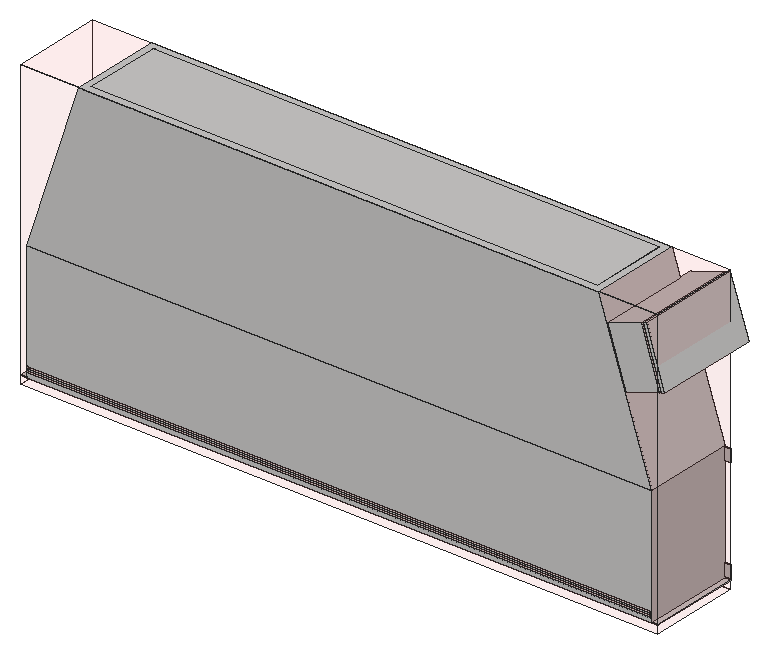
Revit family "Air-Curtain_Climate-Control_PoweredAire_TGD", category Mechanical Equipment, host Face, Revit 2016
Family settings
  Host = Face
  Part Type = Normal
  Round Connector Dimension = Use Diameter
  OmniClass Number = 23.75.35.17.21
  OmniClass Title = Air Curtains
  Cut with Voids When Loaded = No
  Shared = No
  Room Calculation Point = No
Parameters (values of type "144'' Nozzle")
  upperrotation [instance] = 0.00°
  lowerrotation [instance] = 0.00°
  locateupperpipe [instance] = 0' - 0"
  locatelowerpipe [instance] = 0' - 0"
  Warranty Duration (Years) = 0
  Unit Width Notes = "Other Widths available."  # constant formula
  Unit Width = 12' - 3 7/32"
  Unit Weight = 860
  Unit Height = 1' - 9"
  Unit Depth = 2' - 3 1/4"
  URL = "http://www.poweredaire.com/"
  Test Data = ""
  Standards Conformance = "Made in USA"
  Specification = "http://www.arcat.com/sdspecs/htm04/23_34_33pai.htm"
  SpecWizard = ""
  Sound Pressure = ">63 dBA"
  Sales Information = "http://www.poweredaire.com/contact_us"
  Revision = "R1_2016-08"
  Projection from Host [instance] = 0' - 2"
  Product Properties = ""
  Product Data = "http://www.arcat.com/arcatcos/cos47/arc47623.html"
  Power Rating = 0 W
  Piping_Water Flow [instance] = 0 GPM
  Piping_Operating Pressure [instance] = 0.00 psi
  Piping_Exit Temperature [instance] = 0 °F
  Piping_Entry Temperature [instance] = 0 °F
  Pipe OD [instance] = 5/8"
  Overall Depth = 5' - 4 1/4"
  Nozzle Width = if(1 = 1, Unit Width - 0' 3", 0' 0")  # 12' - 0 7/32"
  Mounting Width = if(1 = 1, Unit Width - 0' 1 1/2", 0' 0")  # 12' - 1 23/32"
  Mounting Height [instance] = 3' - 6"
  Motor RPM = 1630
  Motor HP = 0.75
  Motor Count = 4
  Model = "TDG-4-144"
  Max Height = 12' - 0"
  Manufacturer Website = "http://www.poweredaire.com/"
  Manufacturer Phone - Toll Free = "888-321-2473"
  Manufacturer Phone = "724-588-3305"
  Manufacturer Fax = "724-588-3371"
  Manufacturer Address = "109 Mortensen Rd.  Greenville, PA 16125"
  Manufacturer = "Powered Aire, Inc"
  Maintenance Schedule (Months) = 0
  Keynote = "23 34 33"
  Intake Width = 10' - 0"
  Installation-Fabrication = ""
  Installation Phase = ""
  Include Clearance [instance] = yes
  Heating Element Load = 0 W
  Filter Weight = 0
  Front Grating Material [instance] = Metal - Steel - PoweredAire - Stainless 304 Perforated
  HVAC_Temperature Rise = 105 °F
  HVAC_Primary CFM = 0 CFM
  HVAC_Outlet Volume = 10200 CFM
  HVAC_Outlet Velocity Uniformity = 0.95
  HVAC_Outlet Velocity = 3700 FPM
  HVAC_Exit Temperature [instance] = 0 °F
  HVAC_BTU Output = 1153000.0 Btu/h
  HVAC_BTU Input = 0.0 Btu/h
  Green Building-LEED = "http://www.arcat.com/green/clients/leed_data_47623.html"
  Gas Connection Diameter [instance] = 0"
  Frame Finish [instance] = Metal - Steel - PoweredAire - Stainless 304
  Expected Lifespan (Years) = 0
  Exhaust Connection Diameter = 0' - 5"
  Electrical_Wattage [instance] = Power Rating + Heating Element Load  # 0 W
  Electrical_Voltage [instance] = 0 V
  Electrical_Phase [instance] = 1
  Electrical_Frequency [instance] = 0 Hz
  Electrical_Amperage [instance] = 0 A
  Drawn By = "Sumex Design, Inc. / Robert S. Weygant, CSI, CDT, SCIP"
  Description = "Powered Aire Direct Gas Heated Climate Control Air Curtain - TDG-4-144 as Specified"
  Default Elevation = 0' - 0"  # constant formula
  Copyright = "©Arcat Inc."
  Construction Details = "http://www.arcat.com/details/powair/prod3336.html"
  Clearance_Top [instance] = 0' - 0"
  Clearance_Side B [instance] = 0' - 0"
  Clearance_Side A [instance] = 0' - 0"
  Clearance_Intake [instance] = 0' - 0"
  Clearance_Bottom [instance] = 0' - 0"
  Clearance Material [instance] = ARCAT Clearance
  Building Codes = ""
  Available Options [instance] = "as Specified"
  Assembly Code = "D3090400"
Types (7): name | Unit Width | Unit Weight | Nozzle Width | Mounting Width | Motor Count | Model | Intake Width | HVAC_Outlet Volume | HVAC_Outlet Velocity Uniformity | HVAC_Outlet Velocity | HVAC_BTU Output | Description
  144'' Nozzle | 12' - 3 7/32" | 860 | 12' - 0 7/32" | 12' - 1 23/32" | 4 | "TDG-4-144" | 10' - 0" | 10200 CFM | 0.95 | 3700 FPM | 1153000.0 Btu/h | "Powered Aire Direct Gas Heated Climate Control Air Curtain - TDG-4-144 as Specified"
  132'' Nozzle | 11' - 3 5/32" | 780 | 11' - 0 5/32" | 11' - 1 21/32" | 3 | "TDG-3-132" | 8' - 0" | 7600 CFM | 0.94 | 2800 FPM | 861000.0 Btu/h | "Powered Aire Direct Gas Heated Climate Control Air Curtain - TDG-3-132 as Specified"
  120'' Nozzle | 10' - 3 5/32" | 760 | 10' - 0 5/32" | 10' - 1 21/32" | 3 | "TDG-3-120" | 8' - 0" | 7600 CFM | 0.95 | 3200 FPM | 864000.0 Btu/h | "Powered Aire Direct Gas Heated Climate Control Air Curtain - TDG-3-120 as Specified"
  108'' Nozzle | 9' - 3 5/32" | 660 | 9' - 0 5/32" | 9' - 1 21/32" | 3 | "TDG-3-108" | 8' - 0" | 7600 CFM | 0.92 | 3700 FPM | 865000.0 Btu/h | "Powered Aire Direct Gas Heated Climate Control Air Curtain - TDG-3-108 as Specified"
  96'' Nozzle | 8' - 3 1/16" | 600 | 8' - 0 1/16" | 8' - 1 9/16" | 2 | "TDG-2-96" | 6' - 1" | 5100 CFM | 0.92 | 2800 FPM | 576000.0 Btu/h | "Powered Aire Direct Gas Heated Climate Control Air Curtain - TDG-2-96 as Specified"
  84'' Nozzle | 7' - 3 1/16" | 550 | 7' - 0 1/16" | 7' - 1 9/16" | 2 | "TDG-2-84" | 6' - 1" | 5100 CFM | 0.93 | 3200 FPM | 574000.0 Btu/h | "Powered Aire Direct Gas Heated Climate Control Air Curtain - TDG-2-84 as Specified"
  72'' Nozzle | 6' - 3 1/16" | 500 | 6' - 0 1/16" | 6' - 1 9/16" | 2 | "TDG-2-72" | 6' - 1" | 5100 CFM | 0.95 | 3700 FPM | 576000.0 Btu/h | "Powered Aire Direct Gas Heated Climate Control Air Curtain - TDG-2-72 as Specified"
Reference planes (in)
  plane 1 "Center (Elevation)": y = 0.13818
  plane 2: z = 0
  plane 3 "Center (Left/Right)": x = 0
  plane 4 "Top": y = 10.63818
  plane 5: y = -10.36182
  plane 6: x = -73.60937
  plane 7: x = 73.60938
  plane 8 "Front": z = 29.25
  plane 9 "FF": y = -41.86182
  plane 10: z = 2
  plane 11: x = 72.10938
  plane 12: x = -72.10937
  plane 13: y = 10.63818
  plane 14: y = -10.36182
  plane 15: x = -73.60937
  plane 16: x = 73.60938
  plane 17: z = 66.25
  plane 18: x = 72.04688
  plane 19: x = -72.04687
  plane 20: x = 72.10938
  plane 21: x = 72.10938
  plane 22: y = 8.13818
  plane 23: y = -7.86182
  plane 24: z = 66.25
  plane 25: x = -60
  plane 26: x = 60
Forms (in)
  Extrusion 1, solid, material "Metal - Steel - PoweredAire - Stainless 304" <- "Frame Finish"
    sketch origin (0, 0, 0) x (0, 1, 0) y (0, 0, 1)
      loop
        line (-10.36182, 2) -> (10.63818, 2) -> (10.63818, 29.25) -> (-10.36182, 29.25) -> (-10.36182, 2)
    from -72.10938 to 72.10938
  Extrusion 2, solid, material "ARCAT Clearance" <- "Clearance Material", visible <- "Include Clearance"
    sketch origin (0, 0, 0) x (0, 1, 0) y (0, 0, 1)
      loop
        line (-10.36182, 66.25) -> (-10.36182, 0) -> (10.63818, 0) -> (10.63818, 66.25) -> (-10.36182, 66.25)
    from -73.60937 to 73.60937
  Extrusion 3, solid, material "Metal - Steel - PoweredAire - Stainless 304" <- "Frame Finish"
    sketch origin (-15.17702, -180, 2) x (-1, 0, 0) y (0, -1, 0)
      loop
        line (-87.2864, -190.63818) -> (-87.2864, -169.63818) -> (-88.7864, -169.63818) -> (-88.7864, -190.63818) -> (-87.2864, -190.63818)
      loop
        line (56.93235, -190.63818) -> (58.43235, -190.63818) -> (58.43235, -169.63818) -> (56.93235, -169.63818) -> (56.93235, -190.63818)
    from 0 to 0.125
  Extrusion 4, solid, material "Metal - Steel - PoweredAire - Stainless 304" <- "Frame Finish"
    sketch origin (-11.83813, 10.63818, 48) x (-1, 0, 0) y (0, 0, 1)
      loop
        line (-83.9475, -45.5) -> (-83.9475, -42.75) -> (-85.4475, -42.75) -> (-85.4475, -45.5) -> (-83.9475, -45.5)
      loop
        line (-83.9475, -21.5) -> (-83.9475, -18.75) -> (-85.4475, -18.75) -> (-85.4475, -21.5) -> (-83.9475, -21.5)
      loop
        line (60.27125, -45.5) -> (61.77125, -45.5) -> (61.77125, -42.75) -> (60.27125, -42.75) -> (60.27125, -45.5)
      loop
        line (60.27125, -21.5) -> (61.77125, -21.5) -> (61.77125, -18.75) -> (60.27125, -18.75) -> (60.27125, -21.5)
    from 0 to -0.125
  Extrusion 5, void
    sketch origin (0, 0, 0) x (0, 1, 0) y (0, 0, 1)
      loop
        line (-10.36182, 3) -> (-9.36182, 3) -> (-9.36182, 4.5) -> (-10.36182, 4.5) -> (-10.36182, 3.82425) -> (-9.50864, 3.82425) -> (-9.50864, 3.57425) -> (-10.36182, 3.57425) -> (-10.36182, 3)
    from -72.04687 to 72.04688
  Extrusion 6, solid, material "Metal - Steel - PoweredAire - Stainless 304" <- "Frame Finish"
    sketch origin (0, 0.13818, 0) x (1, 0, 0) y (0, 0, 1)
      loop
        line (-72.10937, 29.25) -> (72.10938, 29.25) -> (60, 66.25) -> (-60, 66.25) -> (-72.10937, 29.25)
    from -10.5 to 10.5
  Extrusion 7, solid, material "Metal - Steel - PoweredAire - Stainless 304 Perforated" <- "Front Grating Material"
    sketch origin (-60, 0.13818, 66.25) x (1, 0, 0) y (0, 1, 0)
      loop
        line (1.5, 9) -> (1.5, -9) -> (118.5, -9) -> (118.5, 9) -> (1.5, 9)
    from 0 to 0.03125
  Extrusion 8, solid, material "Metal - Steel - PoweredAire - Stainless 304" <- "Frame Finish"
    sketch origin (60, 0.13818, 66.25) x (0.311046, 0, -0.950395) y (0, 1, 0)
      loop
        line (6, -10.5) -> (19.60097, -10.5) -> (19.60097, 13.5) -> (6, 13.5) -> (6, -10.5)
    from 0 to 9.625
  Sweep 9, void
    path in 3D
      loop
        line (71.01383, -10.36182, 63.54144) -> (75.24435, -10.36182, 50.61515) -> (75.24435, 13.63818, 50.61515) -> (71.01383, 13.63818, 63.54144) -> (71.01383, -10.36182, 63.54144)
    profile origin (71.01383, 1.63818, 63.54144) x (0.311046, 0, -0.950395) y (0.950395, 0, 0.311046)
      loop
        line (0, -0.75) -> (0, -1.25) -> (0.25, -1.25) -> (0.25, -0.75) -> (0, -0.75)
Cuts and joins
  Extrusion 5 cuts Extrusion 1
  Sweep 9 cuts Extrusion 8
Lines and regions (in)
  sketch lines
    curve 1: line (71.01383, 13.63818, 63.54144) -> (71.01383, -10.36182, 63.54144)
    curve 2: line (75.24435, 13.63818, 50.61515) -> (71.01383, 13.63818, 63.54144)
    curve 3: line (71.01383, -10.36182, 63.54144) -> (75.24435, -10.36182, 50.61515)
    curve 4: line (75.24435, -10.36182, 50.61515) -> (75.24435, 13.63818, 50.61515)
Dimensions and locks (in)
  equal spacing: plane 4 "Top", plane 1 "Center (Elevation)", plane 5
  "Unit Height": plane 4 "Top" to plane 5
  equal spacing: plane 6, plane 3 "Center (Left/Right)", plane 7
  "Unit Width": plane 6 to plane 7
  "Mounting Height": plane 1 "Center (Elevation)" to plane 9 "FF"
  "Projection from Host": plane 10 to level
  "Unit Depth": plane 8 "Front" to plane 10
  locked: plane 6 to plane 12 at 1.5
  locked: plane 11 to plane 7 at 1.5
  "Clearance_Side A": plane 7 to plane 16
  "Clearance_Side B": plane 15 to plane 6
  "Clearance_Top": plane 13 to plane 4 "Top"
  "Clearance_Bottom": plane 5 to plane 14
  "Clearance_Intake": plane 17 to plane 24
  Extrusion 5 sketch curve to Extrusion 5 sketch curve to Extrusion 5 sketch curve to Extrusion 5 sketch curve to plane 10 = 0' - 0.67575" locked, 0' - 0 1/4" locked, 0' - 0.57425" locked, 0' - 1" locked
  plane 5 to Extrusion 5 sketch curve to Extrusion 5 sketch curve = 0' - 0.85319" locked, 0' - 0.14681" locked
  locked: plane 19 to plane 12 at 0.0625
  locked: plane 11 to plane 18 at 0.0625
  "locateupperpipe": plane 20 to plane 11
  "locatelowerpipe": plane 21 to plane 11
  locked: plane 4 "Top" to plane 22 at 2.5
  locked: plane 23 to plane 5 at 2.5
  "Overall Depth": plane 24 to plane 10
  Extrusion 4 sketch curve to Extrusion 4 sketch curve to plane 10 = 0' - 2 3/4" locked, 0' - 0 1/2" locked  (x2)
  plane 8 "Front" to Extrusion 4 sketch curve to Extrusion 4 sketch curve = 0' - 0" locked, 0' - 2 3/4" locked  (x2)
  equal spacing: plane 25, plane 3 "Center (Left/Right)", plane 26
  "Intake Width": plane 25 to plane 26
  locked: plane 4 "Top" to Extrusion 7 sketch curve at 1.5
  locked: Extrusion 7 sketch curve to plane 5 at 1.5
  locked: plane 25 to Extrusion 7 sketch curve at 1.5
  locked: Extrusion 7 sketch curve to plane 26 at 1.5
  aligned and locked: plane 2 to host face
  aligned and locked: level to host face
  aligned and locked: Extrusion 2 sketch curve to plane 17
  aligned and locked: plane 14 to Extrusion 2 sketch curve
  aligned and locked: level to Extrusion 2 sketch curve
  aligned and locked: Extrusion 2 sketch curve to plane 13
  aligned and locked: plane 16 to Extrusion 2
  aligned and locked: Extrusion 2 to plane 15
  aligned and locked: plane 11 to Extrusion 1
  aligned and locked: Extrusion 1 to plane 12
  aligned and locked: Extrusion 1 sketch curve to plane 8 "Front"
  aligned and locked: plane 18 to cut or joined group of Extrusion 1, Extrusion 5
  aligned and locked: cut or joined group of Extrusion 1, Extrusion 5 to plane 19
  aligned and locked: Extrusion 6 sketch curve to plane 8 "Front"
  aligned and locked: plane 21 to Extrusion 6 sketch curve
  aligned and locked: plane 12 to Extrusion 6 sketch curve
  aligned and locked: Extrusion 6 sketch curve to plane 24
  aligned and locked: plane 25 to Extrusion 6 sketch curve
  aligned and locked: plane 26 to Extrusion 6 sketch curve
  aligned and locked: plane 4 "Top" to Extrusion 6
  aligned and locked: Extrusion 6 to plane 5
Automatic sketch dimensions
  host sketch curve to host sketch curve = 8' - 0"  (x2)
  plane 4 "Top" to Extrusion 3 sketch curve = 0' - 0"
  Extrusion 3 sketch curve to plane 7 = 0' - 0"
  plane 5 to Extrusion 3 sketch curve = 0' - 0"
  Extrusion 3 sketch curve to plane 11 = 0' - 0"
  Extrusion 3 sketch curve to plane 4 "Top" = 0' - 0"
  Extrusion 3 sketch curve to plane 12 = 0' - 0"
  Extrusion 3 sketch curve to plane 6 = 0' - 0"
  Extrusion 3 sketch curve to plane 5 = 0' - 0"
  Extrusion 4 sketch curve to plane 7 = 0' - 0"  (x2)
  Extrusion 4 sketch curve to plane 11 = 0' - 0"  (x2)
  Extrusion 4 sketch curve to plane 12 = 0' - 0"  (x2)
  Extrusion 4 sketch curve to plane 6 = 0' - 0"  (x2)
  Extrusion 5 sketch curve to plane 5 = 0' - 0"  (x2)
  Extrusion 1 sketch curve to plane 5 = 0' - 0"
  Extrusion 1 sketch curve to plane 4 "Top" = 0' - 0"
  Extrusion 1 sketch curve to plane 10 = 0' - 0"
  Extrusion 8 sketch curve to Extrusion 6 = 0' - 3"
  Extrusion 6 to Extrusion 8 sketch curve = 1' - 7.33021"
  Extrusion 8 sketch curve to Extrusion 6 = 0' - 0"
  Extrusion 8 sketch curve to Extrusion 6 = 0' - 6"
  profile plane to Sweep 9 sketch curve = 0' - 0"
  Sweep 9 sketch curve to profile plane = 0' - 0 3/4"
  Sweep 9 sketch curve to Sweep 9 sketch curve = 0' - 0 1/2"
  Sweep 9 sketch curve to Sweep 9 sketch curve = 0' - 0 1/4"
Connectors (in)
  electrical at (-72.10937, 0.13818, 15.625), driven by "Electrical_Voltage", driven by "Electrical_Phase"
    settings: on cut or joined group of Extrusion 1, Extrusion 5, index 3, voltage 0 V, apparent load 0 VA, apparent load phase1 0 VA, apparent load phase2 0 VA, apparent load phase3 0 VA, power factor 1, load classification "Motor", number of poles 1, system type 31, power factor state 1, is connector primary yes, connector utility no, sub classification motor no, connector description ""
